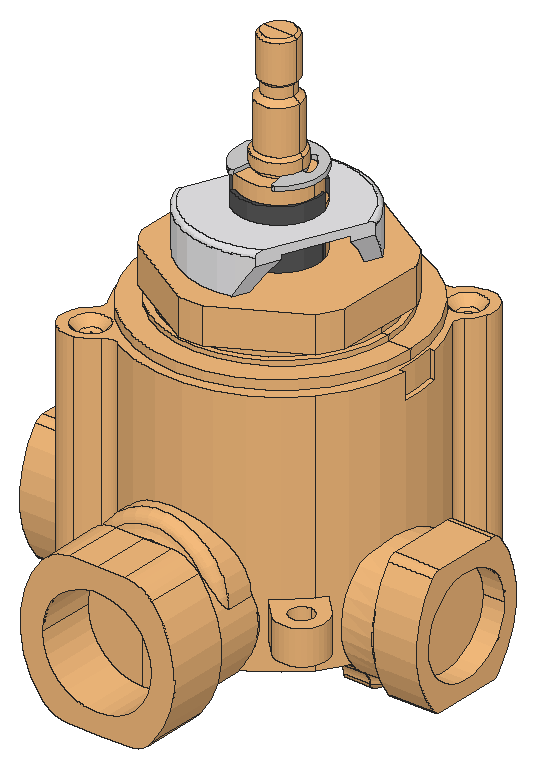
Revit family "Shower-Valves_and_Controls-KALLISTA-Rough_In-P29513", category Plumbing Fixtures, host Face, Revit 2022
Family settings
  Host = Face
  Round Connector Dimension = Use Diameter
  Part Type = Normal
  OmniClass Number = 23.27.31.00
  OmniClass Title = Valves
  Cut with Voids When Loaded = No
  Maintain Annotation Orientation = No
  Shared = No
  Room Calculation Point = No
Parameters (values of type "NA-Stainless Steel")
  Width = 3.40157"  # constant formula
  WaterSense Certified = 1 = 0  # no
  Waste Water Outlet = "Waste Water Outlet"  # constant formula
  Waste Connection = 1 = 0  # no
  Vent Connection = 1 = 0  # no
  URL = "https://www.kallista.com/"
  Type = 1
  Tempered Water Outlet 3 = "Tempered Water Outlet 3"  # constant formula
  Tempered Water Outlet 2 = "Tempered Water Outlet 2"  # constant formula
  Tempered Water Outlet 1 = "Tempered Water Outlet 1"  # constant formula
  Product Page URL = "https://www.kallista.com/products/luxury-bathroom/showering/shower-valves/transfer-valve-p29513-00"
  Product Name = "Rough In"  # constant formula
  Product Documentation Link = "https://techcomm.kohler.com/techcomm/pdf/1091987-4.pdf"
  Pressure = 45.00 psi  # constant formula
  Model = "P29513-00-NA"  # constant formula
  Material = "Premium Metal Construction"  # constant formula
  Master Format 2014 Name = "Control Valves"  # constant formula
  Master Format 2014 = "23 09 13.33"  # constant formula
  Manufacturer Address = "444 Highland Dr, Kohler, WI 53044"  # constant formula
  Manufacturer = "Kallista Co."  # constant formula
  Length = 3.64961"  # constant formula
  Hot Water Inlet = "Hot Water Inlet"  # constant formula
  Height = 3.93701"  # constant formula
  HW Connection = 1 = 1  # yes
  Flow Rate = 20.8 GPM  # constant formula
  Finish = Kallista-Metal-Brass
  Environmental Product Declaration = ""
  Distance from wall [instance] = 2.71654"
  Description = "Transfer Valve"  # constant formula
  Default Elevation = 36"
  Declare Label = ""
  Date Modified = "05/22/2025"  # constant formula
  Date Created = "05/22/2025"  # constant formula
  Copyright = "Copyright Kallista Co."  # constant formula
  Contact Us = "https://www.kallista.com/corporate/contact-us/"
  Cold Water Inlet = "Cold Water Inlet"  # constant formula
  CW Connection = 1 = 0  # no
  Assembly Code = "D2020"
  ADA Compliant = 1 = 0  # no
Reference planes (in)
  plane 1 "Center (Front/Back)": y = 0
  plane 2: z = 0
  plane 3 "Center (Left/Right)": x = 0
  plane 4: y = 0.1193
  plane 5: z = -2.71654
  plane 6: z = 1.22047
  plane 7: x = -1.70079
  plane 8: x = 1.70079
  plane 9: y = 1.8248
  plane 10: y = -1.8248
  plane 11: z = -3.37206
Forms (in)
  Revolve 1, void
    sketch origin (0, 0, 0) x (1, 0, 0) y (0, 0, 1)
      loop
        line (-1.71309, -2.71654) -> (-1.71309, -3.42128) -> (1.72539, -3.42128) -> (1.72539, -2.71654) -> (-1.71309, -2.71654)
      axis (1.72539, -2.71654) -> (-1.71309, -2.71654)
    angle from 0 to 360
  Extrusion 2, void
    sketch origin (0, 0, 0) x (1, 0, 0) y (0, 1, 0)
      loop
        circle (0.00248, 0.11333) r 0.48324
    from -1.27225 to 2.09881
  Extrusion 3, void
    sketch origin (0, 0, 0) x (1, 0, 0) y (0, 1, 0)
      loop
        circle (0, 0.13115) r 1.63573
    from -2.05996 to -0.09607
Dimensions and locks (in)
  "Height": plane 6 to plane 5
  "Width": plane 7 to plane 8
  "Length": plane 9 to plane 10
  plane 7 to plane 8 = 3.40157"
  plane 9 to plane 10 = 3.64961"
  plane 6 to plane 5 = 3.93701"
  "Distance from wall": level to plane 5
  plane 5 to plane 11 = 0.65553"
  aligned and locked: plane 2 to host face
  aligned and locked: level to host face
  aligned and locked: plane 3 "Center (Left/Right)" to nested 1
  aligned and locked: plane 1 "Center (Front/Back)" to nested 1
  aligned and locked: plane 5 to nested 1
Automatic sketch dimensions
  host sketch curve to host sketch curve = 96"  (x2)
  Revolve 1 sketch curve to plane 11 = 0.04921"
  Revolve 1 sketch curve to plane 5 = 0"  (x2)
  plane 7 to Revolve 1 sketch curve = 0.0123"
  Revolve 1 sketch curve to plane 8 = 0.02461"
  plane 8 to Revolve 1 sketch curve = 0.41909"
  Revolve 1 sketch curve to Revolve 1 sketch curve = 0"
  plane 3 "Center (Left/Right)" to Extrusion 2 sketch curve = 0.00248"
  Extrusion 2 sketch curve to plane 4 = 0.00597"
  Extrusion 3 sketch curve to plane 3 "Center (Left/Right)" = 0"
  plane 4 to Extrusion 3 sketch curve = 0.01185"
  radius of Extrusion 2 sketch curve = 0.48324"
  radius of Extrusion 3 sketch curve = 1.63573"
Nested families (in)
  nested 1: "P29513" at (0, 0, -3.37206), type "P29513"
Connectors (in)
  piping at (0, -1.8248, -2.71654), diameter 0.75, driven by "Flow Rate", driven by "Pressure", driven by "HW Connection", driven by "Hot Water Inlet"
    settings: on nested 1, index 1, connector inside diameter 24", connector length 0", flow factor 0, pipe flow 20.8 GPM, pressure drop 45.00 psi, fitting loss kfactor 0, connector angle 0.00°, fixture units 0, engagement length 0", angle of deflection 0.00°, flow configuration 1, flow direction 1, fitting loss method 4, system type 19, joint type 0, gender type 0, connector reference index -1, connector utility 1, adjustable connector no, is connector primary yes, connector description "Hot Water Inlet"
  piping at (-1.70079, 0, -2.71654), diameter 0.5, driven by "Flow Rate", driven by "Pressure", driven by "HW Connection", driven by "Tempered Water Outlet 1"
    settings: on nested 1, index 2, connector inside diameter 24", connector length 0", flow factor 0, pipe flow 20.8 GPM, pressure drop 45.00 psi, fitting loss kfactor 0, connector angle 0.00°, fixture units 0, engagement length 0", angle of deflection 0.00°, flow configuration 1, flow direction 2, fitting loss method 4, system type 19, joint type 0, gender type 0, connector reference index -1, connector utility 1, adjustable connector no, is connector primary no, connector description "Tempered Water Outlet 1"
  piping at (1.70079, 0, -2.71654), diameter 0.5, driven by "Flow Rate", driven by "Pressure", driven by "HW Connection", driven by "Tempered Water Outlet 3"
    settings: on nested 1, index 3, connector inside diameter 24", connector length 0", flow factor 0, pipe flow 20.8 GPM, pressure drop 45.00 psi, fitting loss kfactor 0, connector angle 0.00°, fixture units 0, engagement length 0", angle of deflection 0.00°, flow configuration 1, flow direction 2, fitting loss method 4, system type 19, joint type 0, gender type 0, connector reference index -1, connector utility 1, adjustable connector no, is connector primary no, connector description "Tempered Water Outlet 3"
  piping at (0, 1.8248, -2.71654), diameter 0.5, driven by "Flow Rate", driven by "Pressure", driven by "HW Connection", driven by "Tempered Water Outlet 2"
    settings: on nested 1, index 4, connector inside diameter 24", connector length 0", flow factor 0, pipe flow 20.8 GPM, pressure drop 45.00 psi, fitting loss kfactor 0, connector angle 0.00°, fixture units 0, engagement length 0", angle of deflection 0.00°, flow configuration 1, flow direction 2, fitting loss method 4, system type 19, joint type 0, gender type 0, connector reference index -1, connector utility 1, adjustable connector no, is connector primary no, connector description "Tempered Water Outlet 2"
Definition of nested family "P29513"
  Parameters (values of type "P29513")
    Material = none
    Default Elevation = 0"
  Reference planes (in)
    plane 1 "Center (Front/Back)": y = 0
    plane 2: z = 0
    plane 3 "Center (Left/Right)": x = 0
    plane 4: z = 0.65553
    plane 5 "11": through (-0.90468, 0.29842, 48) normal (0.8746, 0.4848, 0)
    plane 6: y = 0.1193
    plane 7: z = 2.43553
    plane 8 "QQ": through (1.04651, 1.16528, 48) normal (0.7071, -0.7071, 0)
    plane 9 "22": through (0.17426, 0.80023, 48) normal (0.4848, -0.8746, 0)
    plane 10 "mm": through (0, 0.1193, 48) normal (0.3907, 0.9205, 0)
    plane 11: z = 4.59254
    plane 12: x = 2.36533
    plane 13: x = -2.36533
    plane 14: y = -1.8248
    plane 15: y = 1.8248
    plane 16: x = 1.70079
    plane 17: x = -1.70079
    plane 18: y = 1.20476
    plane 19: y = -2.22965
    plane 20: z = 0.04188
    plane 21: z = 0
  Forms (in)
    Extrusion 1, solid, material <- "Material"
      sketch origin (0, 0, 0) x (1, 0, 0) y (0, 1, 0)
        loop
          arc (0.60278, 1.12389) -> (-0.19098, 1.27676) -> (-0.89223, 0.87466) r 1.16142
          arc (-0.89223, 0.87466) -> (-1.1578, 0.22268) -> (-0.99798, -0.46293) r 1.16142
          arc (-0.99798, -0.46293) -> (-0.98574, -0.52945) -> (-1.01981, -0.58789) r 0.09732
          arc (-1.01981, -0.58789) -> (-1.07174, -0.64184) -> (-1.10981, -0.70632) r 0.32211
          arc (-1.10981, -0.70632) -> (-1.0795, -0.92102) -> (-0.87342, -0.98848) r 0.20505
          arc (-0.87342, -0.98848) -> (-0.78383, -0.95237) -> (-0.70799, -0.89256) r 0.34048
          arc (-0.70799, -0.89256) -> (-0.6478, -0.86149) -> (-0.5813, -0.87432) r 0.10343
          arc (-0.5813, -0.87432) -> (0.20762, -1.01156) -> (0.89785, -0.60557) r 1.16142
          arc (0.89785, -0.60557) -> (1.15804, 0.04264) -> (0.99938, 0.72286) r 1.16142
          arc (0.99938, 0.72286) -> (0.98812, 0.7788) -> (1.0141, 0.8296) r 0.08657
          arc (1.0141, 0.8296) -> (1.06731, 0.89368) -> (1.10438, 0.96827) r 0.36042
          arc (1.10438, 0.96827) -> (1.05884, 1.18027) -> (0.84848, 1.23285) r 0.20505
          arc (0.84848, 1.23285) -> (0.77096, 1.1958) -> (0.706, 1.13957) r 0.32211
          arc (0.706, 1.13957) -> (0.65724, 1.113) -> (0.60278, 1.12389) r 0.08137
      from 0.29879 to 2.40625
    Revolve 2, solid, material <- "Material", detail levels medium+fine
      sketch origin (-0.00356, 0.11688, -0.00528) x (1, 0, 0) y (0, 0, 1)
        loop
          line (0.0054, 4.58914) -> (-0.12432, 4.58914) -> (-0.14644, 4.56702) -> (-0.14644, 4.24357) -> (-0.12403, 4.22116) -> (-0.12403, 4.12977) -> (-0.172, 4.0818) -> (-0.172, 3.70775) -> (-0.2005, 3.67924) -> (-0.2005, 3.58494) -> (-0.16837, 3.58494) -> (-0.16837, 3.54744) -> (-0.30442, 3.54744) -> (-0.30442, 3.35433)
          arc (-0.30442, 3.35433) -> (-0.31023, 3.32698) -> (-0.32665, 3.30435) r 0.0673
          line (-0.32665, 3.30435) -> (-0.32665, 2.55279) -> (0.0054, 2.55279) -> (0.0054, 4.58914)
        axis (0.0054, 2.55279) -> (0.0054, 4.58914)
      angle from 0 to 360
    Revolve 3, solid, material <- "Material"
      sketch origin (0, 0.13533, 0) x (1, 0, 0) y (0, 0, 1)
        loop
          line (0, 2.60374) -> (-0.87, 2.60374) -> (-0.87, 2.55552) -> (-0.925, 2.55552) -> (-0.925, 2.51553) -> (-1.115, 2.51553) -> (-1.115, 2.43553) -> (-1.01, 2.43553) -> (-0.99798, 2.40625) -> (0, 2.40625) -> (0, 2.60374)
        axis (0, 2.60374) -> (0, 2.40625)
      angle from 0 to 360
    Sweep 4, solid, material <- "Material", detail levels medium+fine
      path origin (-0.00743, 0, 0.20292) x (1, 0, 0) y (0, 0, 1)
        loop
          circle (0, 0.65553) r 0.44195
      profile origin (-0.00743, 0, 1.3004) x (0, 0, -1) y (0, -1, 0)
        loop
          line (-0.13315, 1.11926) -> (-0.13315, 0.89158) -> (0.18932, 0.89158) -> (0.18932, 1.32522) -> (0.09979, 1.32522)
          arc (0.09979, 1.32522) -> (0.03596, 1.25269) -> (-0.053, 1.215) r 0.21734
          arc (-0.053, 1.215) -> (-0.11047, 1.18169) -> (-0.13315, 1.11926) r 0.09724
    Extrusion 5, solid, material <- "Material", detail levels medium+fine
      sketch origin (0, 0, 0) x (1, 0, 0) y (0, 0, 1)
        loop
          line (0, 1.3121) -> (-0.23653, 1.3121)
          arc (-0.23653, 1.3121) -> (-0.3629, 1.28405) -> (-0.46552, 1.20515) r 0.29861
          arc (-0.46552, 1.20515) -> (-0.66258, 0.67261) -> (-0.47834, 0.13551) r 0.84552
          arc (-0.47834, 0.13551) -> (-0.37747, 0.05503) -> (-0.25166, 0.0263) r 0.28986
          line (-0.25166, 0.0263) -> (-0.00142, 0.0263) -> (0.25166, 0.0263)
          arc (0.25166, 0.0263) -> (0.37747, 0.05503) -> (0.47834, 0.13551) r 0.28986
          arc (0.47834, 0.13551) -> (0.66258, 0.67261) -> (0.46552, 1.20515) r 0.84552
          arc (0.46552, 1.20515) -> (0.3629, 1.28405) -> (0.23653, 1.3121) r 0.29861
          line (0.23653, 1.3121) -> (0, 1.3121)
        loop
          circle (0, 0.65553) r 0.46504
      from 1.32522 to 1.8248
    Blend 6, solid, material <- "Material", detail levels medium+fine
      base sketch origin (0, 0, 0) x (0, 1, 0) y (0, 0, 1)
        loop
          arc (0.28643, 0.21874) -> (-0.02427, 1.20071) -> (-0.26874, 0.20019) r 0.53479
          arc (-0.26874, 0.20019) -> (-0.2327, 0.18166) -> (-0.19535, 0.16592) r 0.53479
          arc (-0.19535, 0.16592) -> (-0.17401, 0.15837) -> (-0.15237, 0.15174) r 0.53479
          arc (-0.15237, 0.15174) -> (0.00002, 0.13147) -> (0.15188, 0.15539) r 0.53479
          arc (0.15188, 0.15539) -> (0.17461, 0.163) -> (0.19698, 0.17162) r 0.53479
          arc (0.19698, 0.17162) -> (0.24282, 0.19306) -> (0.28643, 0.21874) r 0.53479
      top sketch origin (0, 0, 0) x (0, 1, 0) y (0, 0, 1)
        loop
          line (-0.19682, 0.05083) -> (0.1865, 0.05083)
          arc (0.1865, 0.05083) -> (0.2208, 0.06483) -> (0.23551, 0.09884) r 0.04902
          arc (0.23551, 0.09884) -> (0.25201, 0.1613) -> (0.29527, 0.20927) r 0.13717
          arc (0.29527, 0.20927) -> (-0.00856, 1.18563) -> (-0.30454, 0.20686) r 0.53479
          arc (-0.30454, 0.20686) -> (-0.25708, 0.15582) -> (-0.23726, 0.089) r 0.1526
          arc (-0.23726, 0.089) -> (-0.22462, 0.06188) -> (-0.19682, 0.05083) r 0.04051
      from -1.32178 to -1.06386
    Extrusion 7, solid, material <- "Material", detail levels medium+fine
      sketch origin (0, 0, 0) x (0, 1, 0) y (0, 0, 1)
        loop
          line (0.00031, 1.21323) -> (-0.27979, 1.21323)
          arc (-0.27979, 1.21323) -> (-0.32301, 1.20323) -> (-0.35745, 1.17526) r 0.09843
          arc (-0.35745, 1.17526) -> (-0.53196, 0.66321) -> (-0.35281, 0.15275) r 0.8275
          arc (-0.35281, 0.15275) -> (-0.31852, 0.12529) -> (-0.2757, 0.11549) r 0.09843
          line (-0.2757, 0.11549) -> (0.00031, 0.11549) -> (0.2757, 0.11549)
          arc (0.2757, 0.11549) -> (0.31852, 0.12529) -> (0.35281, 0.15275) r 0.09843
          arc (0.35281, 0.15275) -> (0.53196, 0.66321) -> (0.35745, 1.17526) r 0.8275
          arc (0.35745, 1.17526) -> (0.32301, 1.20323) -> (0.27979, 1.21323) r 0.09843
          line (0.27979, 1.21323) -> (0.00031, 1.21323)
      from -1.70079 to -1.32178
    Extrusion 8, void
      sketch origin (0, 0, 0) x (0, 1, 0) y (0, 0, 1)
        loop
          circle (0, 0.65553) r 0.41559
      from -2.0781 to -1.50896
    Extrusion 9, solid, material <- "Material", detail levels medium+fine
      sketch origin (0, 0, 0) x (0, 1, 0) y (0, 0, 1)
        loop
          arc (-0.40898, 0.29879) -> (-0.35976, 0.24941) -> (-0.30454, 0.20686) r 0.53479
          arc (-0.30454, 0.20686) -> (-0.25708, 0.15582) -> (-0.23726, 0.089) r 0.1526
          arc (-0.23726, 0.089) -> (-0.22462, 0.06188) -> (-0.19682, 0.05083) r 0.04051
          line (-0.19682, 0.05083) -> (0.1865, 0.05083)
          arc (0.1865, 0.05083) -> (0.2208, 0.06483) -> (0.23551, 0.09884) r 0.04902
          arc (0.23551, 0.09884) -> (0.25201, 0.1613) -> (0.29527, 0.20927) r 0.13717
          arc (0.29527, 0.20927) -> (0.34855, 0.25084) -> (0.39616, 0.29879) r 0.53479
          line (0.39616, 0.29879) -> (-0.40898, 0.29879)
      from -1.06386 to -0.84404
    Blend 10, solid, material <- "Material", detail levels medium+fine
      base sketch origin (0, 0, 0) x (0, 1, 0) y (0, 0, -1)
        loop
          arc (0.28643, -0.21874) -> (0.24282, -0.19306) -> (0.19698, -0.17162) r 0.53479
          arc (0.19698, -0.17162) -> (0.17461, -0.163) -> (0.15188, -0.15539) r 0.53479
          arc (0.15188, -0.15539) -> (0.00002, -0.13147) -> (-0.15237, -0.15174) r 0.53479
          arc (-0.15237, -0.15174) -> (-0.17401, -0.15837) -> (-0.19535, -0.16592) r 0.53479
          arc (-0.19535, -0.16592) -> (-0.2327, -0.18166) -> (-0.26874, -0.20019) r 0.53479
          arc (-0.26874, -0.20019) -> (-0.02427, -1.20071) -> (0.28643, -0.21874) r 0.53479
      top sketch origin (0, 0, 0) x (0, 1, 0) y (0, 0, -1)
        loop
          arc (-0.19682, -0.05083) -> (-0.22462, -0.06188) -> (-0.23726, -0.089) r 0.04051
          arc (-0.23726, -0.089) -> (-0.25708, -0.15582) -> (-0.30454, -0.20686) r 0.1526
          arc (-0.30454, -0.20686) -> (-0.00856, -1.18563) -> (0.29527, -0.20927) r 0.53479
          arc (0.29527, -0.20927) -> (0.25201, -0.1613) -> (0.23551, -0.09884) r 0.13717
          arc (0.23551, -0.09884) -> (0.2208, -0.06483) -> (0.1865, -0.05083) r 0.04902
          line (0.1865, -0.05083) -> (-0.19682, -0.05083)
      from -1.32178 to -1.06386
    Extrusion 11, solid, material <- "Material", detail levels medium+fine
      sketch origin (0, 0, 0) x (0, 1, 0) y (0, 0, -1)
        loop
          arc (0.2804, -1.21323) -> (0.32362, -1.20323) -> (0.35807, -1.17526) r 0.09843
          arc (0.35807, -1.17526) -> (0.53258, -0.66321) -> (0.35342, -0.15275) r 0.8275
          arc (0.35342, -0.15275) -> (0.31913, -0.12529) -> (0.27631, -0.11549) r 0.09843
          line (0.27631, -0.11549) -> (-0.2757, -0.11549)
          arc (-0.2757, -0.11549) -> (-0.31852, -0.12529) -> (-0.35281, -0.15275) r 0.09843
          arc (-0.35281, -0.15275) -> (-0.53196, -0.66321) -> (-0.35745, -1.17526) r 0.8275
          arc (-0.35745, -1.17526) -> (-0.32301, -1.20323) -> (-0.27979, -1.21323) r 0.09843
          line (-0.27979, -1.21323) -> (0.2804, -1.21323)
      from -1.70079 to -1.32178
    Extrusion 12, void
      sketch origin (0, 0, 0) x (0, 1, 0) y (0, 0, -1)
        loop
          circle (0, -0.65553) r 0.41559
      from -2.0781 to -1.50896
    Extrusion 13, solid, material <- "Material", detail levels medium+fine
      sketch origin (0, 0, 0) x (0, 1, 0) y (0, 0, -1)
        loop
          line (-0.40898, -0.29879) -> (0.39616, -0.29879)
          arc (0.39616, -0.29879) -> (0.34855, -0.25084) -> (0.29527, -0.20927) r 0.53479
          arc (0.29527, -0.20927) -> (0.25201, -0.1613) -> (0.23551, -0.09884) r 0.13717
          arc (0.23551, -0.09884) -> (0.2208, -0.06483) -> (0.1865, -0.05083) r 0.04902
          line (0.1865, -0.05083) -> (-0.19682, -0.05083)
          arc (-0.19682, -0.05083) -> (-0.22462, -0.06188) -> (-0.23726, -0.089) r 0.04051
          arc (-0.23726, -0.089) -> (-0.25708, -0.15582) -> (-0.30454, -0.20686) r 0.1526
          arc (-0.30454, -0.20686) -> (-0.35976, -0.24941) -> (-0.40898, -0.29879) r 0.53479
      from -1.06386 to -0.84404
    Blend 14, solid, material <- "Material", detail levels medium+fine
      base sketch origin (0, 0, 0) x (-1, 0, 0) y (0, 0, -1)
        loop
          arc (0.28643, -0.21874) -> (0.24282, -0.19306) -> (0.19698, -0.17162) r 0.53479
          arc (0.19698, -0.17162) -> (0.17461, -0.163) -> (0.15188, -0.15539) r 0.53479
          arc (0.15188, -0.15539) -> (0.00002, -0.13147) -> (-0.15237, -0.15174) r 0.53479
          arc (-0.15237, -0.15174) -> (-0.17401, -0.15837) -> (-0.19535, -0.16592) r 0.53479
          arc (-0.19535, -0.16592) -> (-0.2327, -0.18166) -> (-0.26874, -0.20019) r 0.53479
          arc (-0.26874, -0.20019) -> (-0.02427, -1.20071) -> (0.28643, -0.21874) r 0.53479
      top sketch origin (0, 0, 0) x (-1, 0, 0) y (0, 0, -1)
        loop
          arc (-0.19682, -0.05083) -> (-0.22462, -0.06188) -> (-0.23726, -0.089) r 0.04051
          arc (-0.23726, -0.089) -> (-0.25708, -0.15582) -> (-0.30454, -0.20686) r 0.1526
          arc (-0.30454, -0.20686) -> (-0.00856, -1.18563) -> (0.29527, -0.20927) r 0.53479
          arc (0.29527, -0.20927) -> (0.25201, -0.1613) -> (0.23551, -0.09884) r 0.13717
          arc (0.23551, -0.09884) -> (0.2208, -0.06483) -> (0.1865, -0.05083) r 0.04902
          line (0.1865, -0.05083) -> (-0.19682, -0.05083)
      from -1.32178 to -1.06386
    Extrusion 15, solid, material <- "Material", detail levels medium+fine
      sketch origin (0, 0, 0) x (-1, 0, 0) y (0, 0, -1)
        loop
          arc (0.2804, -1.21323) -> (0.32362, -1.20323) -> (0.35807, -1.17526) r 0.09843
          arc (0.35807, -1.17526) -> (0.53258, -0.66321) -> (0.35342, -0.15275) r 0.8275
          arc (0.35342, -0.15275) -> (0.31913, -0.12529) -> (0.27631, -0.11549) r 0.09843
          line (0.27631, -0.11549) -> (-0.2757, -0.11549)
          arc (-0.2757, -0.11549) -> (-0.31852, -0.12529) -> (-0.35281, -0.15275) r 0.09843
          arc (-0.35281, -0.15275) -> (-0.53196, -0.66321) -> (-0.35745, -1.17526) r 0.8275
          arc (-0.35745, -1.17526) -> (-0.32301, -1.20323) -> (-0.27979, -1.21323) r 0.09843
          line (-0.27979, -1.21323) -> (0.2804, -1.21323)
      from -1.8248 to -1.32178
    Extrusion 16, void
      sketch origin (0, 0, 0) x (-1, 0, 0) y (0, 0, -1)
        loop
          circle (0, -0.65553) r 0.41559
      from -2.0781 to -1.50896
    Extrusion 17, solid, material <- "Material", detail levels medium+fine
      sketch origin (0, 0, 0) x (-1, 0, 0) y (0, 0, -1)
        loop
          line (-0.40898, -0.29879) -> (0.39616, -0.29879)
          arc (0.39616, -0.29879) -> (0.34855, -0.25084) -> (0.29527, -0.20927) r 0.53479
          arc (0.29527, -0.20927) -> (0.25201, -0.1613) -> (0.23551, -0.09884) r 0.13717
          arc (0.23551, -0.09884) -> (0.2208, -0.06483) -> (0.1865, -0.05083) r 0.04902
          line (0.1865, -0.05083) -> (-0.19682, -0.05083)
          arc (-0.19682, -0.05083) -> (-0.22462, -0.06188) -> (-0.23726, -0.089) r 0.04051
          arc (-0.23726, -0.089) -> (-0.25708, -0.15582) -> (-0.30454, -0.20686) r 0.1526
          arc (-0.30454, -0.20686) -> (-0.35976, -0.24941) -> (-0.40898, -0.29879) r 0.53479
      from -1.06386 to -0.84404
    Revolve 18, solid, material <- "Material", detail levels medium+fine
      sketch origin (0, 0, 0) x (0, 1, 0) y (0, 0, 1)
        loop
          arc (-0.86246, 0.05575) -> (-0.72327, 0.1134) -> (-0.66561, 0.2526) r 0.19685
          line (-0.66561, 0.2526) -> (-0.66561, 0.66305) -> (-1.34923, 0.66305) -> (-1.34923, 0.05575) -> (-0.86246, 0.05575)
        axis (-0.66561, 0.66305) -> (-1.34923, 0.66305)
      angle from 0 to 360
    Extrusion 19, void
      sketch origin (0, 0, 0) x (1, 0, 0) y (0, 1, 0)
        loop
          arc (1.19845, 0.02172) -> (1.20224, 0.19853) -> (1.17914, 0.37386) r 1.16142
          line (1.17914, 0.37386) -> (1.08642, 0.37386)
          arc (1.08642, 0.37386) -> (1.11243, 0.19874) -> (1.11039, 0.02172) r 1.115
          line (1.11039, 0.02172) -> (1.19845, 0.02172)
        loop
          arc (-1.18168, 0.37047) -> (-1.20496, 0.19817) -> (-1.20226, 0.02432) r 1.16142
          line (-1.20226, 0.02432) -> (-1.11062, 0.02432)
          arc (-1.11062, 0.02432) -> (-1.11246, 0.19831) -> (-1.0872, 0.37047) r 1.115
          line (-1.0872, 0.37047) -> (-1.18168, 0.37047)
      from 2.18253 to 2.89553
    Extrusion 20, solid, material <- "Material", detail levels medium+fine
      sketch origin (0, 0, 0) x (1, 0, 0) y (0, 1, 0)
        loop
          arc (-0.92267, 0.76136) -> (-0.79457, 0.91756) -> (-0.64039, 1.04809) r 1.115
          line (-0.64039, 1.04809) -> (-0.82485, 1.23255)
          arc (-0.82485, 1.23255) -> (-1.10936, 1.23255) -> (-1.10936, 0.94804) r 0.20118
          line (-1.10936, 0.94804) -> (-0.92267, 0.76136)
        loop
          circle (-0.96711, 1.0903) r 0.09961
        loop
          line (0.63782, -0.79913) -> (0.8245, -0.98582)
          arc (0.8245, -0.98582) -> (1.10901, -0.98582) -> (1.10901, -0.70132) r 0.20118
          line (1.10901, -0.70132) -> (0.92455, -0.51686)
          arc (0.92455, -0.51686) -> (0.79402, -0.67104) -> (0.63782, -0.79913) r 1.115
        loop
          circle (0.96676, -0.84357) r 0.09961
      from 0.56608 to 0.86054
    Revolve 21, void
      sketch origin (-0.05938, 0.05938, 0) x (0.707107, 0.707107, 0) y (0, 0, 1)
        loop
          line (1.35662, 2.31441) -> (1.40116, 2.31441)
          arc (1.40116, 2.31441) -> (1.42311, 2.31928) -> (1.44095, 2.33297) r 0.05194
          line (1.44095, 2.33297) -> (1.53071, 2.43994) -> (1.35662, 2.43994) -> (1.35662, 2.31441)
        axis (1.35662, 2.43994) -> (1.35662, 2.31441)
      angle from 0 to 360
    Revolve 22, void
      sketch origin (0.06438, 0.18315, 0) x (-0.707107, -0.707107, 0) y (0, 0, -1)
        loop
          line (1.35662, -2.31441) -> (1.35662, -2.43994) -> (1.53071, -2.43994) -> (1.44095, -2.33297)
          arc (1.44095, -2.33297) -> (1.42311, -2.31928) -> (1.40116, -2.31441) r 0.05194
          line (1.40116, -2.31441) -> (1.35662, -2.31441)
        axis (1.35662, -2.43994) -> (1.35662, -2.31441)
      angle from 0 to 360
    Extrusion 23, solid, detail levels medium+fine
      sketch origin (0, 0, 0) x (1, 0, 0) y (0, 1, 0)
        loop
          line (0.32653, 0.19943) -> (0.2917, 0.19943)
          arc (0.2917, 0.19943) -> (0.18077, -0.12811) -> (-0.16468, -0.14396) r 0.30659
          line (-0.16468, -0.14396) -> (-0.18907, -0.16836)
          arc (-0.18907, -0.16836) -> (0.19403, -0.16012) -> (0.32653, 0.19943) r 0.34026
        loop
          line (-0.31699, -0.01556) -> (-0.29106, 0.01037)
          arc (-0.29106, 0.01037) -> (-0.17202, 0.37304) -> (0.20814, 0.33865) r 0.30659
          line (0.20814, 0.33865) -> (0.23195, 0.36246)
          arc (0.23195, 0.36246) -> (-0.19654, 0.39712) -> (-0.31699, -0.01556) r 0.34026
      from 2.51553 to 3.41416
    Revolve 24, solid, material <- "Material", detail levels coarse
      sketch origin (-0.05277, 0.11688, -0.00528) x (1, 0, 0) y (0, 0, 1)
        loop
          line (0.04921, 4.60041) -> (-0.07458, 4.60041) -> (-0.10092, 4.57407) -> (-0.10092, 4.24864) -> (-0.07962, 4.22174) -> (-0.07962, 4.13342) -> (-0.12921, 4.08383) -> (-0.12921, 3.70556) -> (-0.157, 3.67777) -> (-0.157, 3.58949) -> (-0.29104, 3.58949) -> (-0.29104, 3.55474) -> (-0.25738, 3.55474) -> (-0.25738, 3.36698)
          arc (-0.25738, 3.36698) -> (-0.27379, 3.32736) -> (-0.31341, 3.31095) r 0.05603
          line (-0.31341, 3.31095) -> (-0.65663, 3.31095) -> (-0.65663, 2.18781) -> (0.04921, 2.18781) -> (0.04921, 4.60041)
        axis (0.04921, 4.60041) -> (0.04921, 2.18781)
      angle from 0 to 360
    Extrusion 25, solid, material <- "Material", detail levels coarse
      sketch origin (0, -0.01849, 0) x (-1, 0, 0) y (0, 0, -1)
        loop
          arc (0.2804, -1.21323) -> (0.32362, -1.20323) -> (0.35807, -1.17526) r 0.09843
          arc (0.35807, -1.17526) -> (0.53258, -0.66321) -> (0.35342, -0.15275) r 0.8275
          arc (0.35342, -0.15275) -> (0.31913, -0.12529) -> (0.27631, -0.11549) r 0.09843
          line (0.27631, -0.11549) -> (-0.2757, -0.11549)
          arc (-0.2757, -0.11549) -> (-0.31852, -0.12529) -> (-0.35281, -0.15275) r 0.09843
          arc (-0.35281, -0.15275) -> (-0.53196, -0.66321) -> (-0.35745, -1.17526) r 0.8275
          arc (-0.35745, -1.17526) -> (-0.32301, -1.20323) -> (-0.27979, -1.21323) r 0.09843
          line (-0.27979, -1.21323) -> (0.2804, -1.21323)
      from -1.84329 to -0.86253
    Extrusion 26, solid, material <- "Material", detail levels coarse
      sketch origin (0.01849, 0, 0) x (0, 1, 0) y (0, 0, 1)
        loop
          line (0.2804, 1.21323) -> (-0.27979, 1.21323)
          arc (-0.27979, 1.21323) -> (-0.32301, 1.20323) -> (-0.35745, 1.17526) r 0.09843
          arc (-0.35745, 1.17526) -> (-0.53196, 0.66321) -> (-0.35281, 0.15275) r 0.8275
          arc (-0.35281, 0.15275) -> (-0.31852, 0.12529) -> (-0.2757, 0.11549) r 0.09843
          line (-0.2757, 0.11549) -> (0.27631, 0.11549)
          arc (0.27631, 0.11549) -> (0.31913, 0.12529) -> (0.35342, 0.15275) r 0.09843
          arc (0.35342, 0.15275) -> (0.53258, 0.66321) -> (0.35807, 1.17526) r 0.8275
          arc (0.35807, 1.17526) -> (0.32362, 1.20323) -> (0.2804, 1.21323) r 0.09843
      from -1.71928 to -0.86253
    Extrusion 27, solid, material <- "Material", detail levels coarse
      sketch origin (0, 0, 0) x (1, 0, 0) y (0, 0, 1)
        loop
          arc (-0.48713, 1.18603) -> (-0.66869, 0.67012) -> (-0.49648, 0.15102) r 0.84552
          arc (-0.49648, 0.15102) -> (-0.38542, 0.0592) -> (-0.24513, 0.0263) r 0.31566
          line (-0.24513, 0.0263) -> (0.24229, 0.0263)
          arc (0.24229, 0.0263) -> (0.36809, 0.05503) -> (0.46897, 0.13551) r 0.28986
          arc (0.46897, 0.13551) -> (0.65321, 0.67261) -> (0.45615, 1.20515) r 0.84552
          arc (0.45615, 1.20515) -> (0.35353, 1.28405) -> (0.22716, 1.3121) r 0.29861
          line (0.22716, 1.3121) -> (-0.22716, 1.3121)
          arc (-0.22716, 1.3121) -> (-0.37162, 1.27892) -> (-0.48713, 1.18603) r 0.33107
      from 0.66242 to 1.8248
    Extrusion 28, solid, material <- "Material", detail levels coarse
      sketch origin (-0.01849, 0, 0) x (0, 1, 0) y (0, 0, -1)
        loop
          arc (0.2804, -1.21323) -> (0.32362, -1.20323) -> (0.35807, -1.17526) r 0.09843
          arc (0.35807, -1.17526) -> (0.53258, -0.66321) -> (0.35342, -0.15275) r 0.8275
          arc (0.35342, -0.15275) -> (0.31913, -0.12529) -> (0.27631, -0.11549) r 0.09843
          line (0.27631, -0.11549) -> (-0.2757, -0.11549)
          arc (-0.2757, -0.11549) -> (-0.31852, -0.12529) -> (-0.35281, -0.15275) r 0.09843
          arc (-0.35281, -0.15275) -> (-0.53196, -0.66321) -> (-0.35745, -1.17526) r 0.8275
          arc (-0.35745, -1.17526) -> (-0.32301, -1.20323) -> (-0.27979, -1.21323) r 0.09843
          line (-0.27979, -1.21323) -> (0.2804, -1.21323)
      from -1.71928 to -0.86253
    Extrusion 29, solid, detail levels medium+fine
      sketch origin (0, 0.09843, 0) x (1, 0, 0) y (0, 1, 0)
        loop
          circle (0.00037, 0.00052) r 0.71194
        loop
          circle (0.00037, 0.00052) r 0.60788
      from 2.89553 to 3.27599
    Extrusion 30, void
      sketch origin (0.04291, 0.10109, 0) x (-0.920505, 0.390731, 0) y (0, 0, 1)
        loop
          line (-0.37246, 2.87631) -> (-0.50699, 3.1648) -> (-0.50699, 3.30326) -> (-1.21359, 3.30326) -> (-1.21359, 2.51586) -> (-0.37246, 2.51586) -> (-0.37246, 2.87631)
      from -1.71198 to 3.3435
    Extrusion 31, void
      sketch origin (0.04291, 0.10109, 0) x (-0.920505, 0.390731, 0) y (0, 0, 1)
        loop
          line (0.37226, 2.91609) -> (0.37226, 2.55564) -> (1.21339, 2.55564) -> (1.21339, 3.34304) -> (0.50679, 3.34304) -> (0.50679, 3.20458) -> (0.37226, 2.91609)
      from -1.41197 to 0.65882
    Extrusion 32, solid, detail levels medium+fine
      sketch origin (0, 0, 0) x (1, 0, 0) y (0, 1, 0)
        loop
          line (-0.2795, 0.63856) -> (-0.58221, -0.07458)
          arc (-0.58221, -0.07458) -> (-0.17044, -0.48444) -> (0.39737, -0.36139) r 0.60788
          line (0.39737, -0.36139) -> (0.60728, 0.13314)
          arc (0.60728, 0.13314) -> (0.30137, 0.62706) -> (-0.2795, 0.63856) r 0.60788
      from 3.20458 to 3.27599
    Sweep 33, void
      path origin (0, 0, 0) x (1, 0, 0) y (0, 1, 0)
        loop
          circle (0.00037, 0.09894) r 0.71194
      profile origin (0.71231, 0.09894, 0) x (-1, 0, 0) y (0, 0, 1)
        loop
          line (0.03937, 3.27599) -> (0, 3.27599) -> (0, 3.23662)
          arc (0, 3.23662) -> (0.01153, 3.26446) -> (0.03937, 3.27599) r 0.03937
    Extrusion 34, solid, detail levels medium+fine
      sketch origin (0, 0.03076, 0) x (1, 0, 0) y (0, 1, 0)
        loop
          arc (0.19592, -0.20494) -> (0.00231, 0.42911) -> (-0.1907, -0.20512) r 0.34654
          arc (-0.1907, -0.20512) -> (-0.17244, -0.20674) -> (-0.16132, -0.19218) r 0.019
          line (-0.16132, -0.19218) -> (-0.13466, -0.01509)
          arc (-0.13466, -0.01509) -> (0.00158, 0.25094) -> (0.14065, -0.01362) r 0.16836
          line (0.14065, -0.01362) -> (0.16564, -0.19144)
          arc (0.16564, -0.19144) -> (0.17704, -0.20657) -> (0.19592, -0.20494) r 0.01956
      from 3.54216 to 3.57676
    Extrusion 35, void
      sketch origin (0, 0, 0) x (1, 0, 0) y (0, 1, 0)
        loop
          arc (-0.20816, 0.10751) -> (-0.18037, 0.2108) -> (-0.10452, 0.28622) r 0.20591
          line (-0.10452, 0.28622) -> (-0.12271, 0.31801)
          arc (-0.12271, 0.31801) -> (-0.1457, 0.33336) -> (-0.17179, 0.32423) r 0.03097
          arc (-0.17179, 0.32423) -> (-0.18404, 0.31202) -> (-0.19667, 0.30021) r 0.54828
          arc (-0.19667, 0.30021) -> (-0.25119, 0.22787) -> (-0.27518, 0.14051) r 0.24122
          arc (-0.27518, 0.14051) -> (-0.26716, 0.11734) -> (-0.2447, 0.10751) r 0.03058
          line (-0.2447, 0.10751) -> (-0.20816, 0.10751)
        loop
          arc (0.10002, 0.28622) -> (0.17587, 0.2108) -> (0.20366, 0.10751) r 0.20591
          line (0.20366, 0.10751) -> (0.2402, 0.10751)
          arc (0.2402, 0.10751) -> (0.26266, 0.11734) -> (0.27068, 0.14051) r 0.03058
          arc (0.27068, 0.14051) -> (0.24669, 0.22787) -> (0.19217, 0.30021) r 0.24122
          arc (0.19217, 0.30021) -> (0.17954, 0.31202) -> (0.16729, 0.32423) r 0.54828
          arc (0.16729, 0.32423) -> (0.1412, 0.33336) -> (0.11821, 0.31801) r 0.03097
          line (0.11821, 0.31801) -> (0.10002, 0.28622)
      from 3.50704 to 3.62781
    Extrusion 36, solid, material <- "Material", detail levels medium+fine
      sketch origin (0, 0, 0) x (1, 0, 0) y (0, 1, 0)
        loop
          arc (-0.10455, -0.8212) -> (0, -0.82697) -> (0.10455, -0.8212) r 0.95
          line (0.10455, -0.8212) -> (0.76545, -0.43962)
          arc (0.76545, -0.43962) -> (0.82272, -0.35197) -> (0.87, -0.25854) r 0.95
          line (0.87, -0.25854) -> (0.87, 0.50461)
          arc (0.87, 0.50461) -> (0.82272, 0.59803) -> (0.76545, 0.68569) r 0.95
          line (0.76545, 0.68569) -> (0.10455, 1.06726)
          arc (0.10455, 1.06726) -> (0, 1.07303) -> (-0.10455, 1.06726) r 0.95
          line (-0.10455, 1.06726) -> (-0.76545, 0.68569)
          arc (-0.76545, 0.68569) -> (-0.82272, 0.59803) -> (-0.87, 0.50461) r 0.95
          line (-0.87, 0.50461) -> (-0.87, -0.25854)
          arc (-0.87, -0.25854) -> (-0.82272, -0.35197) -> (-0.76545, -0.43962) r 0.95
          line (-0.76545, -0.43962) -> (-0.10455, -0.8212)
      from 2.60374 to 2.91052
  Cuts and joins
    Extrusion 8, Extrusion 12 cuts Extrusion 7
    joined: Blend 6, Extrusion 9
    Extrusion 12, Extrusion 16 cuts Extrusion 11
    Extrusion 16 cuts Extrusion 15
    Extrusion 19, Revolve 21, Revolve 22 cuts Extrusion 1
    Extrusion 30, Extrusion 31, Sweep 33 cuts Extrusion 29
    joined: Extrusion 29, Extrusion 32
    Extrusion 35 cuts Extrusion 34
  Lines and regions (in)
    Masking region 1
      outline origin (0, 0, 0) x (1, 0, 0) y (0, 1, 0)
        loop
          line (1.70079, 0.52886) -> (1.18931, 0.52886)
          arc (1.18931, 0.52886) -> (1.12611, 0.54408) -> (1.07678, 0.5864) r 0.1388
          line (1.07678, 0.5864) -> (1.01213, 0.71895)
          arc (1.01213, 0.71895) -> (1.00487, 0.77473) -> (1.03279, 0.82358) r 0.08827
          arc (1.03279, 0.82358) -> (1.06947, 1.18544) -> (0.70621, 1.16728) r 0.23979
          arc (0.70621, 1.16728) -> (0.59942, 1.13536) -> (0.53462, 1.22605) r 0.09586
          line (0.53462, 1.22605) -> (0.53462, 1.8248) -> (0, 1.8248) -> (-0.53462, 1.8248) -> (-0.53462, 1.24022)
          arc (-0.53462, 1.24022) -> (-0.61153, 1.12512) -> (-0.7473, 1.15213) r 0.12459
          line (-0.7473, 1.15213) -> (-0.82122, 1.22605)
          arc (-0.82122, 1.22605) -> (-1.0907, 1.25092) -> (-1.13539, 0.98402) r 0.19883
          line (-1.13539, 0.98402) -> (-1.01173, 0.85141)
          arc (-1.01173, 0.85141) -> (-0.98856, 0.80337) -> (-0.99667, 0.75065) r 0.08994
          line (-0.99667, 0.75065) -> (-1.07678, 0.5864)
          arc (-1.07678, 0.5864) -> (-1.12611, 0.54408) -> (-1.18931, 0.52886) r 0.1388
          line (-1.18931, 0.52886) -> (-1.70079, 0.52886) -> (-1.70079, 0) -> (-1.70079, -0.52886) -> (-1.20225, -0.52886)
          arc (-1.20225, -0.52886) -> (-1.11826, -0.57562) -> (-1.11374, -0.67163) r 0.09882
          arc (-1.11374, -0.67163) -> (-1.05601, -0.95785) -> (-0.76443, -0.97303) r 0.23815
          arc (-0.76443, -0.97303) -> (-0.66175, -0.96654) -> (-0.60844, -1.05454) r 0.09929
          line (-0.60844, -1.05454) -> (-0.60844, -1.8248) -> (0, -1.8248) -> (0.60844, -1.8248) -> (0.60844, -1.00459)
          arc (0.60844, -1.00459) -> (0.67323, -0.91391) -> (0.78003, -0.94582) r 0.09586
          arc (0.78003, -0.94582) -> (1.08445, -1.00875) -> (1.11143, -0.69907) r 0.20801
          arc (1.11143, -0.69907) -> (1.09212, -0.58984) -> (1.18479, -0.52886) r 0.10091
          line (1.18479, -0.52886) -> (1.70079, -0.52886) -> (1.70079, 0) -> (1.70079, 0.52886)
    Masking region 2, detail levels medium+fine
      outline origin (0, 0, 0) x (1, 0, 0) y (0, 0, 1)
        loop
          line (1.15545, 2.41216) -> (1.04133, 2.41216) -> (1.01, 2.43553) -> (-1.01, 2.43553) -> (-0.98663, 2.41216) -> (-1.15545, 2.41216) -> (-1.15545, 1.28075)
          arc (-1.15545, 1.28075) -> (-1.18418, 1.2114) -> (-1.25352, 1.18268) r 0.09807
          arc (-1.25352, 1.18268) -> (-1.29388, 1.18898) -> (-1.3304, 1.20729) r 0.13241
          line (-1.3304, 1.20729) -> (-1.66576, 1.20729)
          arc (-1.66576, 1.20729) -> (-1.69053, 1.19703) -> (-1.70079, 1.17226) r 0.03503
          line (-1.70079, 1.17226) -> (-1.70079, 0.12113) -> (-1.66143, 0.1054) -> (-1.34894, 0.1054)
          arc (-1.34894, 0.1054) -> (-1.32533, 0.10889) -> (-1.30373, 0.11905) r 0.08172
          arc (-1.30373, 0.11905) -> (-1.28962, 0.12506) -> (-1.27429, 0.12561) r 0.04205
          line (-1.27429, 0.12561) -> (-1.16462, 0.12561)
          arc (-1.16462, 0.12561) -> (-1.11719, 0.1118) -> (-1.0846, 0.07467) r 0.08832
          arc (-1.0846, 0.07467) -> (-1.06085, 0.049) -> (-1.0266, 0.04188) r 0.05739
          line (-1.0266, 0.04188) -> (-0.90566, 0.04188)
          arc (-0.90566, 0.04188) -> (-0.86889, 0.05554) -> (-0.84995, 0.08988) r 0.05632
          line (-0.84995, 0.08988) -> (-0.84328, 0.19419)
          arc (-0.84328, 0.19419) -> (-0.81173, 0.25772) -> (-0.74431, 0.27978) r 0.09175
          line (-0.74431, 0.27978) -> (-0.53557, 0.27978)
          arc (-0.53557, 0.27978) -> (-0.48426, 0.16965) -> (-0.41906, 0.06714) r 0.93177
          arc (-0.41906, 0.06714) -> (-0.36093, 0.01774) -> (-0.28675, 0) r 0.16396
          line (-0.28675, 0) -> (0, 0) -> (0.28675, 0)
          arc (0.28675, 0) -> (0.36093, 0.01774) -> (0.41906, 0.06714) r 0.16396
          arc (0.41906, 0.06714) -> (0.48426, 0.16965) -> (0.53557, 0.27978) r 0.93177
          line (0.53557, 0.27978) -> (0.74431, 0.27978)
          arc (0.74431, 0.27978) -> (0.81173, 0.25772) -> (0.84328, 0.19419) r 0.09175
          line (0.84328, 0.19419) -> (0.84995, 0.08988)
          arc (0.84995, 0.08988) -> (0.86889, 0.05554) -> (0.90566, 0.04188) r 0.05632
          line (0.90566, 0.04188) -> (1.0266, 0.04188)
          arc (1.0266, 0.04188) -> (1.06085, 0.049) -> (1.0846, 0.07467) r 0.05739
          arc (1.0846, 0.07467) -> (1.11719, 0.1118) -> (1.16462, 0.12561) r 0.08832
          line (1.16462, 0.12561) -> (1.27429, 0.12561)
          arc (1.27429, 0.12561) -> (1.28962, 0.12506) -> (1.30373, 0.11905) r 0.04205
          arc (1.30373, 0.11905) -> (1.32533, 0.10889) -> (1.34894, 0.1054) r 0.08172
          line (1.34894, 0.1054) -> (1.66092, 0.1054) -> (1.70079, 0.12275) -> (1.70079, 1.17226)
          arc (1.70079, 1.17226) -> (1.69053, 1.19703) -> (1.66576, 1.20729) r 0.03503
          line (1.66576, 1.20729) -> (1.3304, 1.20729)
          arc (1.3304, 1.20729) -> (1.29388, 1.18898) -> (1.25352, 1.18268) r 0.13241
          arc (1.25352, 1.18268) -> (1.18418, 1.2114) -> (1.15545, 1.28075) r 0.09807
          line (1.15545, 1.28075) -> (1.15545, 2.41216)
    Masking region 3
      outline origin (0, 0, 0) x (1, 0, 0) y (0, 0, 1)
        loop
          line (-1.11002, 2.43553) -> (1.10805, 2.43553) -> (1.10805, 2.53303) -> (0.91735, 2.53303) -> (0.91735, 2.56392) -> (0.87043, 2.56392) -> (0.87043, 2.9134) -> (0.62183, 2.9134) -> (0.67162, 3.1131)
          arc (0.67162, 3.1131) -> (0.64676, 3.23004) -> (0.53931, 3.28245) r 0.13636
          line (0.53931, 3.28245) -> (0.36503, 3.28245)
          arc (0.36503, 3.28245) -> (0.32565, 3.29876) -> (0.30934, 3.33814) r 0.05569
          line (0.30934, 3.33814) -> (0.30934, 3.51467) -> (0.17201, 3.51467) -> (0.17201, 3.54541) -> (0.34296, 3.54541) -> (0.34296, 3.58046) -> (0.20345, 3.58046) -> (0.20345, 3.67271) -> (0.17669, 3.70043) -> (0.17669, 4.07583) -> (0.1279, 4.12462) -> (0.1279, 4.21362) -> (0.15137, 4.2371) -> (0.15137, 4.56533) -> (0.12416, 4.59254) -> (-0.12614, 4.59254) -> (-0.15334, 4.56533) -> (-0.15334, 4.2371) -> (-0.12987, 4.21362) -> (-0.12987, 4.12462) -> (-0.17866, 4.07583) -> (-0.17866, 3.70043) -> (-0.20542, 3.67271) -> (-0.20542, 3.58046) -> (-0.34493, 3.58046) -> (-0.34493, 3.54541) -> (-0.17398, 3.54541) -> (-0.17398, 3.51467) -> (-0.31131, 3.51467) -> (-0.31131, 3.33814)
          arc (-0.31131, 3.33814) -> (-0.32762, 3.29876) -> (-0.367, 3.28245) r 0.05569
          line (-0.367, 3.28245) -> (-0.54128, 3.28245)
          arc (-0.54128, 3.28245) -> (-0.64874, 3.23004) -> (-0.67359, 3.1131) r 0.13636
          line (-0.67359, 3.1131) -> (-0.6238, 2.9134) -> (-0.8724, 2.9134) -> (-0.8724, 2.56392) -> (-0.91933, 2.56392) -> (-0.91933, 2.53303) -> (-1.11002, 2.53303) -> (-1.11002, 2.43553)
    Masking region 4
      outline origin (0, 0, 0) x (0, 1, 0) y (0, 0, 1)
        loop
          line (-1.03027, 2.41921) -> (-1.03027, 1.5168)
          arc (-1.03027, 1.5168) -> (-1.05597, 1.45474) -> (-1.11803, 1.42903) r 0.08777
          arc (-1.11803, 1.42903) -> (-1.18991, 1.39926) -> (-1.21968, 1.32738) r 0.10165
          arc (-1.21968, 1.32738) -> (-1.25382, 1.2644) -> (-1.32522, 1.25862) r 0.07517
          line (-1.32522, 1.25862) -> (-1.32522, 1.3121) -> (-1.8248, 1.3121) -> (-1.8248, 0) -> (-1.32522, 0) -> (-1.32522, 0.04644) -> (-0.87074, 0.04644)
          arc (-0.87074, 0.04644) -> (-0.78097, 0.0729) -> (-0.7199, 0.14383) r 0.16551
          arc (-0.7199, 0.14383) -> (-0.70837, 0.16545) -> (-0.69411, 0.18538) r 0.18685
          line (-0.69411, 0.18538) -> (-0.56816, 0.29879)
          arc (-0.56816, 0.29879) -> (-0.55856, 0.26925) -> (-0.53018, 0.25662) r 0.03818
          line (-0.53018, 0.25662) -> (-0.4307, 0.25662)
          arc (-0.4307, 0.25662) -> (-0.39387, 0.19249) -> (-0.34943, 0.13338) r 0.59885
          arc (-0.34943, 0.13338) -> (-0.32119, 0.112) -> (-0.28659, 0.1044) r 0.08261
          line (-0.28659, 0.1044) -> (-0.25509, 0.1044)
          arc (-0.25509, 0.1044) -> (-0.23717, 0.05881) -> (-0.19202, 0.03979) r 0.06308
          line (-0.19202, 0.03979) -> (0.18937, 0.03979)
          arc (0.18937, 0.03979) -> (0.23416, 0.05991) -> (0.25068, 0.10584) r 0.06143
          line (0.25068, 0.10584) -> (0.28486, 0.10584)
          arc (0.28486, 0.10584) -> (0.32199, 0.11517) -> (0.3503, 0.14095) r 0.07855
          arc (0.3503, 0.14095) -> (0.40249, 0.21701) -> (0.44514, 0.29879) r 0.7654
          line (0.44514, 0.29879) -> (0.88853, 0.29879)
          arc (0.88853, 0.29879) -> (0.94329, 0.26465) -> (0.96679, 0.20454) r 0.10248
          line (0.96679, 0.20454) -> (0.97237, 0.09806)
          arc (0.97237, 0.09806) -> (0.98938, 0.05699) -> (1.03044, 0.03998) r 0.05807
          line (1.03044, 0.03998) -> (1.15122, 0.03998)
          arc (1.15122, 0.03998) -> (1.18831, 0.05203) -> (1.21124, 0.08358) r 0.0631
          arc (1.21124, 0.08358) -> (1.24966, 0.11298) -> (1.2969, 0.12343) r 0.11199
          line (1.2969, 0.12343) -> (1.40084, 0.12343) -> (1.45762, 0.10374) -> (1.78382, 0.10374) -> (1.8248, 0.12286) -> (1.8248, 1.19049) -> (1.78903, 1.20555) -> (1.45316, 1.20555)
          arc (1.45316, 1.20555) -> (1.35297, 1.17871) -> (1.29348, 1.26368) r 0.09042
          line (1.29348, 1.26368) -> (1.29348, 2.41921) -> (1.12384, 2.41921) -> (1.12384, 2.45031) -> (1.22789, 2.45031) -> (1.22789, 2.53077) -> (1.03743, 2.53077) -> (1.03743, 2.59093) -> (1.06322, 2.61671) -> (1.06322, 2.88691) -> (1.03743, 2.9127) -> (0.82172, 2.9127) -> (0.82172, 3.11237)
          arc (0.82172, 3.11237) -> (0.77288, 3.23027) -> (0.65497, 3.27911) r 0.16675
          line (0.65497, 3.27911) -> (0.47176, 3.27911)
          arc (0.47176, 3.27911) -> (0.43731, 3.29338) -> (0.42304, 3.32783) r 0.04872
          line (0.42304, 3.32783) -> (0.42304, 3.52277) -> (0.28579, 3.52277) -> (0.28579, 3.55422) -> (0.45478, 3.55422) -> (0.45478, 3.58525) -> (0.3172, 3.58525) -> (0.3172, 3.67119) -> (0.28915, 3.69924) -> (0.28915, 4.07922) -> (0.24155, 4.12681) -> (0.24155, 4.21454) -> (0.26515, 4.23814) -> (0.26515, 4.5665) -> (0.23912, 4.59254) -> (-0.01515, 4.59254) -> (-0.04119, 4.5665) -> (-0.04119, 4.23814) -> (-0.01759, 4.21454) -> (-0.01759, 4.12681) -> (-0.06518, 4.07922) -> (-0.06518, 3.69924) -> (-0.09323, 3.67119) -> (-0.09323, 3.58525) -> (-0.23081, 3.58525) -> (-0.23081, 3.55422) -> (-0.06182, 3.55422) -> (-0.06182, 3.52277) -> (-0.19908, 3.52277) -> (-0.19908, 3.32783)
          arc (-0.19908, 3.32783) -> (-0.21335, 3.29338) -> (-0.2478, 3.27911) r 0.04872
          line (-0.2478, 3.27911) -> (-0.43101, 3.27911)
          arc (-0.43101, 3.27911) -> (-0.54891, 3.23027) -> (-0.59775, 3.11237) r 0.16675
          line (-0.59775, 3.11237) -> (-0.59775, 2.9127) -> (-0.81347, 2.9127) -> (-0.83925, 2.88691) -> (-0.83925, 2.61671) -> (-0.81347, 2.59093) -> (-0.81347, 2.53077) -> (-1.00393, 2.53077) -> (-1.00393, 2.45031) -> (-0.89987, 2.45031) -> (-0.89987, 2.41921) -> (-1.03027, 2.41921)
    symbolic lines, detail levels medium+fine
      curve 1: line (-0.67794, 0.32785, 0) -> (0.17426, 0.80023, 0)
      curve 2: line (-0.17927, -0.57177, 0) -> (0.67293, -0.09938, 0)
      curve 3: arc (-0.67794, 0.32785, 0) -> (-0.62676, -0.2318, 0) -> (-0.17927, -0.57177, 0) r 0.69699
      curve 4: arc (0.17426, 0.80023, 0) -> (0.63211, 0.46601, 0) -> (0.67293, -0.09938, 0) r 0.67392
      curve 5: circle (0, 0.13119, 0) r 0.20928 normal (0, 0, 1)
      curve 6: circle (0, 0.1193, 0) r 0.10877 normal (0, 0, 1)
      curve 7: circle (0, 0.1193, 0) r 0.15202 normal (0, 0, 1)
      curve 8: circle (0, 0.1193, 0) r 0.12657 normal (0, 0, 1)
      curve 9: circle (0, 0.1193, 0) r 0.17811 normal (0, 0, 1)
      curve 10: circle (0, 0.1193, 0) r 0.21204 normal (0, 0, 1)
      curve 11: circle (0, 0.1193, 0) r 0.343 normal (0, 0, 1)
      curve 12: circle (0, 0.1193, 0) r 0.3937 normal (0, 0, 1)
      curve 13: circle (0, 0.1193, 0) r 0.90069 normal (0, 0, 1)
      curve 14: circle (0, 0.1193, 0) r 1.12092 normal (0, 0, 1)
      curve 15: arc (0.56386, 1.15712, 0) -> (-0.0029, 1.3004, 0) -> (-0.56895, 1.15434, 0) r 1.1811
      curve 16: arc (-1.07678, 0.5864, 0) -> (-1.21563, 0.0183, 0) -> (-1.13003, -0.56023, 0) r 1.52221
      curve 17: arc (-0.66175, -0.96654, 0) -> (0.01216, -1.10284, 0) -> (0.67323, -0.91391, 0) r 1.45237
      curve 18: arc (1.12611, 0.54408, 0) -> (1.29514, -0.02845, 0) -> (1.09212, -0.58984, 0) r 0.95744
      curve 19: arc (0.5767, 1.13356, 0) -> (-0.46571, 1.18908, 0) -> (-1.13532, 0.38826, 0) r 1.16675
      curve 20: circle (-0.98422, 1.09104, 0) r 0.112 normal (0, 0, 1)
      curve 21: circle (0.96749, -0.84925, 0) r 0.10354 normal (0, 0, 1)
      curve 22: line (-1.70079, 0.513, 0) -> (-1.1084, 0.513, 0)
      curve 23: line (-1.70079, -0.50691, 0) -> (-1.1478, -0.50691, 0)
      curve 24: line (-0.58511, -1.8248, 0) -> (-0.58511, -0.99982, 0)
      curve 25: line (0.58736, -0.95904, 0) -> (0.58736, -1.8248, 0)
      curve 26: line (1.15692, -0.49602, 0) -> (1.70079, -0.49602, 0)
      curve 27: line (1.15764, 0.4953, 0) -> (1.70079, 0.4953, 0)
      curve 28: line (-0.51416, 1.8248, 0) -> (-0.51416, 1.18262, 0)
      curve 29: line (0.50635, 1.8248, 0) -> (0.50635, 1.18636, 0)
      curve 30: circle (0, 0.1193, 0) r 0.99619 normal (0, 0, 1)
      curve 31: circle (0, 0.1193, 0) r 1.05273 normal (0, 0, 1)
      curve 32: line (0.72101, -0.798, 0) -> (0.88939, -0.96637, 0)
      curve 33: line (1.09196, -0.7638, 0) -> (0.92281, -0.59465, 0)
      curve 34: arc (0.88939, -0.96637, 0) -> (1.09196, -0.96637, 0) -> (1.09196, -0.7638, 0) r 0.14324
      curve 35: line (0.71946, 1.15283, 0) -> (0.74421, 1.17758, 0)
      curve 36: line (1.01732, 0.83994, 0) -> (1.04958, 0.8722, 0)
      curve 37: line (-0.92137, 0.83511, 0) -> (-1.08429, 0.99803, 0)
      curve 38: line (-0.71799, 1.03897, 0) -> (-0.88067, 1.20165, 0)
      curve 39: arc (-1.08429, 0.99803, 0) -> (-1.08429, 1.20165, 0) -> (-0.88067, 1.20165, 0) r 0.14398
      curve 40: line (-0.53462, 1.79086, 0) -> (0.53462, 1.79086, 0)
      curve 41: line (-1.66255, 0.52886, 0) -> (-1.66255, -0.52886, 0)
      curve 42: line (1.66414, 0.52886, 0) -> (1.66414, -0.53104, 0)
      curve 43: line (-0.60844, -1.78971, 0) -> (0.60844, -1.78971, 0)
      curve 44: arc (0.17426, 0.80023, 0) -> (-0.34357, 0.72953, 0) -> (-0.67794, 0.32785, 0) r 0.72181
      curve 45: arc (-0.17927, -0.57177, 0) -> (0.33856, -0.50106, 0) -> (0.67293, -0.09938, 0) r 0.72181
      curve 46: circle (0, 0.1193, 0) r 0.78188 normal (0, 0, 1)
      curve 47: line (-0.79974, 0.26032, 0) -> (-0.52199, -0.50278, 0)
      curve 48: line (-0.52199, -0.50278, 0) -> (0.27775, -0.6438, 0)
      curve 49: line (0.27775, -0.6438, 0) -> (0.79974, -0.02171, 0)
      curve 50: line (0.79974, -0.02171, 0) -> (0.52199, 0.74139, 0)
      curve 51: line (0.52199, 0.74139, 0) -> (-0.27775, 0.8824, 0)
      curve 52: line (-0.27775, 0.8824, 0) -> (-0.79974, 0.26032, 0)
      curve 53: line (-1.3304, 0, 1.20729) -> (-1.3304, 0, 0.0967)
      curve 54: line (-1.66576, 0, 1.20729) -> (-1.66143, 0, 0.1054)
      curve 55: line (1.66576, 0, 1.20729) -> (1.66092, 0, 0.1054)
      curve 56: line (1.34894, 0, 0.1054) -> (1.34894, 0, 1.20791)
      curve 57: line (1.30373, 0, 0.11905) -> (1.30373, 0, 1.19257)
      curve 58: line (-1.25352, 0, 1.18268) -> (-1.25352, 0, 0.12905)
      curve 59: circle (0, 0, 0.65553) r 0.59055 normal (0, -1, 0)
      curve 60: circle (0, 0, 0.65553) r 0.4678 normal (0, -1, 0)
      curve 61: circle (0, 0, 0.65553) r 0.3937 normal (0, -1, 0)
      curve 62: circle (0, 0, 0.65553) r 0.24985 normal (0, -1, 0)
      curve 63: circle (0, 0, 0.65553) r 0.14659 normal (0, -1, 0)
      curve 64: arc (-0.53557, 0, 0.27978) -> (0, 0, 1.35517) -> (0.53557, 0, 0.27978) r 0.67106
      curve 65: line (-0.98663, 0, 2.41216) -> (1.04133, 0, 2.41216)
      curve 66: line (-0.91905, 0, 2.53398) -> (0.925, 0, 2.53398)
      curve 67: line (-0.87, 0, 2.56167) -> (0.87, 0, 2.56167)
      curve 68: line (0.71103, 0, 2.89553) -> (-0.74045, 0, 2.89553)
      curve 69: line (-0.87342, 0, 2.41216) -> (-0.87342, 0, 0.60591)
      curve 70: line (-1.15545, 0, 1.28075) -> (-1.15545, 0, 0.60591)
      curve 71: arc (-1.15545, 0, 0.60591) -> (-1.01444, 0, 0.4649) -> (-0.87342, 0, 0.60591) r 0.14102
      curve 72: line (0.6618, 0, 0.79519) -> (0.85139, 0, 0.79519)
      curve 73: line (-1.01, 0, 2.43553) -> (1.01, 0, 2.43553)
      curve 74: line (0.6618, 0, 0.51587) -> (0.85139, 0, 0.51587)
      curve 75: line (0.85139, 0, 0.79519) -> (0.85139, 0, 0.86221)
      curve 76: line (0.85139, 0, 0.86221) -> (1.16324, 0, 0.86221)
      curve 77: line (0.85139, 0, 0.51587) -> (0.85139, 0, 0.44885)
      curve 78: line (0.85139, 0, 0.44885) -> (1.16324, 0, 0.44885)
      curve 79: spline (1.16324, 0, 0.86221) -> (1.17934, 0, 0.85517) -> (1.19435, 0, 0.83452) -> (1.20723, 0, 0.80167) -> (1.21712, 0, 0.75887) -> (1.22334, 0, 0.70902) -> (1.22546, 0, 0.65553) -> (1.22334, 0, 0.60203) -> (1.21712, 0, 0.55219) -> (1.20723, 0, 0.50938) -> (1.19435, 0, 0.47654) -> (1.17934, 0, 0.45589) -> (1.16324, 0, 0.44885)
      curve 80: line (-0.10455, 0, 2.60374) -> (-0.10455, 0, 2.87053)
      curve 81: line (0.10455, 0, 2.60374) -> (0.10455, 0, 2.87053)
      curve 82: line (-0.10455, 0, 2.87053) -> (0, 0, 2.87053)
      curve 83: line (0, 0, 2.87053) -> (0.10455, 0, 2.87053)
      curve 84: line (-0.10455, 0, 2.87053) -> (-0.12955, 0, 2.89553)
      curve 85: line (0.10455, 0, 2.87053) -> (0.12955, 0, 2.89553)
      curve 86: line (-0.10455, 0, 2.60374) -> (-0.13276, 0, 2.57553)
      curve 87: line (0.10455, 0, 2.60374) -> (0.17039, 0, 2.57553)
      curve 88: line (-0.10455, 0, 2.60374) -> (0.10455, 0, 2.60374)
      curve 89: line (-0.13276, 0, 2.57553) -> (-0.68194, 0, 2.57553)
      curve 90: line (0.17039, 0, 2.57553) -> (0.70711, 0, 2.57553)
      curve 91: line (0.76545, 0, 2.60053) -> (0.76545, 0, 2.87053)
      curve 92: line (0.70711, 0, 2.57553) -> (0.76545, 0, 2.60053)
      curve 93: line (0.76545, 0, 2.87053) -> (0.71103, 0, 2.89553)
      curve 94: line (0.76545, 0, 2.60053) -> (0.86804, 0, 2.60053)
      curve 95: line (-0.76545, 0, 2.87053) -> (-0.76545, 0, 2.60374)
      curve 96: line (-0.76545, 0, 2.60374) -> (-0.68194, 0, 2.57553)
      curve 97: line (-0.76545, 0, 2.60374) -> (-0.87, 0, 2.60374)
      curve 98: line (-0.76545, 0, 2.87053) -> (-0.74045, 0, 2.89553)
      curve 99: line (-0.76545, 0, 2.87053) -> (-0.87, 0, 2.87053)
      curve 100: line (0.76545, 0, 2.87053) -> (0.87, 0, 2.87053)
      curve 108: line (0, 0.82207, 2.91244) -> (0, -0.59826, 2.91244)
      curve 109: line (0, 0.71191, 2.83069) -> (0, 0.71191, 2.63384)
      curve 110: line (0, 0.50461, 2.83069) -> (0, 0.50461, 2.63384)
      curve 111: line (0, -0.43962, 2.83069) -> (0, -0.43962, 2.63384)
      curve 112: line (0, -0.63647, 2.83069) -> (0, -0.63647, 2.63384)
      curve 113: line (0, 0.71191, 2.83069) -> (0, 0.79367, 2.91244)
      curve 114: line (0, 0.50461, 2.83069) -> (0, 0.42285, 2.91244)
      curve 115: line (0, -0.43962, 2.83069) -> (0, -0.35787, 2.91244)
      curve 116: line (0, -0.63647, 2.83069) -> (0, -0.7163, 2.91052)
      curve 117: line (0, 0.71191, 2.83069) -> (0, 1.06726, 2.83069)
      curve 118: line (0, 0.50461, 2.83069) -> (0, -0.43962, 2.83069)
      curve 119: line (0, -0.63647, 2.83069) -> (0, -0.83925, 2.83069)
      curve 120: line (0, 0.71191, 2.63384) -> (0, 0.50461, 2.63384)
      curve 121: line (0, -0.43962, 2.63384) -> (0, -0.63647, 2.63384)
      curve 122: line (0, -0.43962, 2.83069) -> (0, -0.63647, 2.83069)
      curve 123: line (0, 0.71191, 2.83069) -> (0, 0.50461, 2.83069)
      curve 124: line (0, 0.71191, 2.63384) -> (0, 0.75482, 2.59093)
      curve 125: line (0, 0.50461, 2.63384) -> (0, 0.4617, 2.59093)
      curve 126: line (0, -0.43962, 2.63384) -> (0, -0.39671, 2.59093)
      curve 127: line (0, -0.63647, 2.63384) -> (0, -0.67938, 2.59093)
      curve 128: line (0, 1.45316, 1.20555) -> (0, 1.45762, 0.10374)
      curve 129: line (0, 1.78903, 1.20555) -> (0, 1.78382, 0.10374)
      curve 130: line (0, 1.35297, 1.17871) -> (0, 1.35297, 0.12343)
      curve 131: line (0, 1.40084, 0.12343) -> (0, 1.40084, 1.17486)
      curve 132: line (0, 1.29348, 1.26368) -> (0, 1.29348, 0.12338)
      curve 133: line (0, -1.32522, 1.25862) -> (0, -1.32522, 0.04644)
      curve 134: circle (0, 0, 0.65553) r 0.46377 normal (1, 0, 0)
      curve 135: circle (0, 0, 0.65553) r 0.37867 normal (1, 0, 0)
      curve 136: circle (0, 0, 0.65553) r 0.16872 normal (1, 0, 0)
      curve 137: circle (0, 0, 0.65553) r 0.26867 normal (1, 0, 0)
      curve 138: line (0, -1.11803, 1.42903) -> (0, -1.11803, 0.04644)
